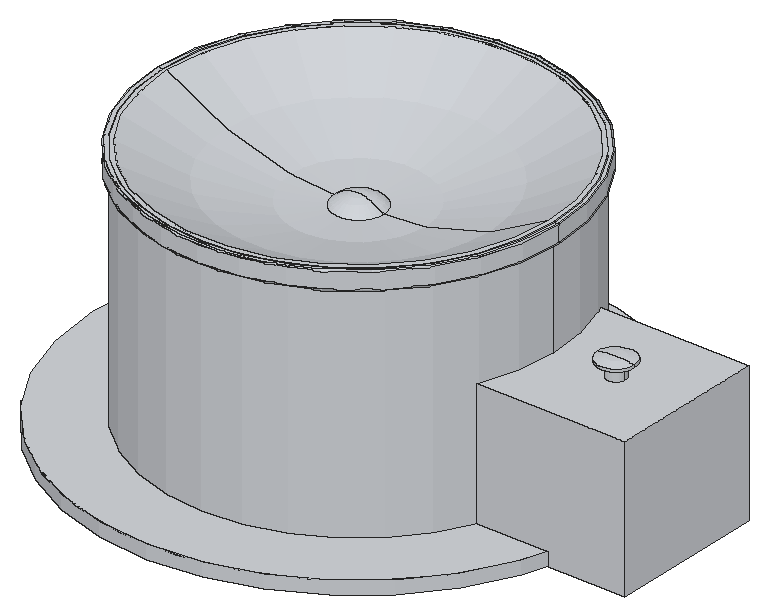
Revit family "Outdoor_Drinking_Fountain-Willoughby-WODF-1-Pet", category Plumbing Fixtures, host Face, Revit 2014
Parameters (values of type "Standard")
  Waste DIA = 1 1/2"
  Waste Connection = yes
  Vent Connection = no
  HW Connection = no
  Default Elevation = 0' - 0"
  CW inlet Diameter = 3/8"
  CW Connection = yes
Reference planes (in)
  plane 1 "Center (Front/Back)": y = 0
  plane 2: z = 0
  plane 3 "Center (Left/Right)": x = 0
  plane 4: z = 7
  plane 5: x = 0.75
  plane 6: x = 1.4375
Forms (in)
  Extrusion 1, solid
    sketch origin (0, 0, 0) x (1, 0, 0) y (0, 1, 0)
      loop
        circle (0, 0) r 7.25
    from 0 to 0.375
  Extrusion 2, solid
    sketch origin (0, 0, 0) x (1, 0, 0) y (0, 1, 0)
      loop
        circle (0, 0) r 5.375
    from 0 to 7
  Revolve 3, solid, detail levels fine
    sketch origin (0, 0, 0) x (1, 0, 0) y (0, 0, 1)
      loop
        line (5.375, 7) -> (5.375, 6.5) -> (5.47033, 6.5)
        arc (5.47033, 6.5) -> (5.49131, 6.50869) -> (5.5, 6.52967) r 0.02967
        line (5.5, 6.52967) -> (5.5, 6.97391)
        arc (5.5, 6.97391) -> (5.49236, 6.99236) -> (5.47391, 7) r 0.02609
        line (5.47391, 7) -> (5.375, 7)
      axis (0, 7) -> (0, 6.5)
    angle from 0 to 360
  Revolve 4, void
    sketch origin (0, 0, 0) x (1, 0, 0) y (0, 0, 1)
      loop
        line (0, 7) -> (-5.25, 7)
        arc (-5.25, 7) -> (-2.74007, 5.84726) -> (0, 5.5) r 9.10636
        line (0, 5.5) -> (0, 7)
      axis (0, 7) -> (0, 5.5)
    angle from 0 to 360
  Extrusion 5, solid
    sketch origin (0, 0, 0) x (1, 0, 0) y (0, 1, 0)
      loop
        line (4.75, 0) -> (4.75, -2.125) -> (9, -2.125) -> (9, 2.125) -> (4.75, 2.125) -> (4.75, 0)
    from 0 to 3.8125
  Revolve 6, solid, detail levels fine
    sketch origin (0, 0, 0) x (1, 0, 0) y (0, 0, 1)
      loop
        line (7.07179, 3.8125) -> (7.07179, 4.1875) -> (7.07179, 4.3125)
        arc (7.07179, 4.3125) -> (6.81943, 4.3001) -> (6.57179, 4.25) r 1.68024
        line (6.57179, 4.25) -> (6.57179, 4.1875) -> (6.82179, 4.1875) -> (6.82179, 3.8125) -> (7.07179, 3.8125)
      axis (7.07179, 4.3125) -> (7.07179, 3.8125)
    angle from 0 to 360
  Revolve 7, solid, detail levels medium+fine
    sketch origin (0, 0, 0) x (1, 0, 0) y (0, 0, 1)
      loop
        line (0, 0) -> (0, -1.25) -> (0.75, -1.25) -> (0.75, 0) -> (0, 0)
      axis (0, 0) -> (0, -1.25)
    angle from 0 to 360
  Revolve 8, solid, detail levels medium+fine
    sketch origin (0, 0, 0) x (1, 0, 0) y (0, 0, 1)
      loop
        line (1.4375, 0) -> (1.4375, -1.25) -> (1.625, -1.25) -> (1.625, 0) -> (1.4375, 0)
      axis (1.4375, 0) -> (1.4375, -1.25)
    angle from 0 to 360
  Revolve 9, solid, detail levels medium+fine
    sketch origin (0, 0, 0) x (1, 0, 0) y (0, 0, 1)
      loop
        line (0, 5.49396) -> (0, 5.82258)
        arc (0, 5.82258) -> (-0.40852, 5.73477) -> (-0.75, 5.49396) r 1.04521
        line (-0.75, 5.49396) -> (0, 5.49396)
      axis (0, 5.82258) -> (0, 5.49396)
    angle from 0 to 360
Cuts and joins
  Revolve 4 cuts Extrusion 2
Lines and regions (in)
  symbolic lines, detail levels medium+fine
    curve 1: line (4.9371, 2.125, 0) -> (9, 2.125, 0)
    curve 2: line (9, 2.125, 0) -> (9, -2.125, 0)
    curve 3: line (9, -2.125, 0) -> (4.9371, -2.125, 0)
    curve 10: arc (5.375, 0, 0) -> (0, -5.375, 0) -> (-5.375, 0, 0) r 5.375
    curve 11: arc (-5.375, 0, 0) -> (0, 5.375, 0) -> (5.375, 0, 0) r 5.375
    curve 19: line (-5.375, 0, 7) -> (-5.51625, 0, 7)
    curve 20: line (-5.51625, 0, 7) -> (-5.51625, 0, 6.5)
    curve 21: line (-5.51625, 0, 6.5) -> (5.48375, 0, 6.5)
    curve 22: line (5.48375, 0, 6.5) -> (5.48375, 0, 7)
    curve 23: line (5.48375, 0, 7) -> (5.375, 0, 7)
    curve 39: line (0, 5.375, 7) -> (0, 5.50063, 7)
    curve 40: line (0, 5.50063, 7) -> (0, 5.50063, 6.5)
    curve 41: line (0, 5.50063, 6.5) -> (0, -5.49937, 6.5)
    curve 42: line (0, -5.49937, 6.5) -> (0, -5.49937, 7)
    curve 43: line (0, -5.49937, 7) -> (0, -5.375, 7)
  symbolic lines, detail levels fine
    curve 4: arc (6.57179, 0, 0) -> (7.07179, 0.5, 0) -> (7.57179, 0, 0) r 0.5
    curve 5: arc (7.57179, 0, 0) -> (7.07179, -0.5, 0) -> (6.57179, 0, 0) r 0.5
    curve 6: arc (6.82179, 0, 0) -> (7.07179, 0.25, 0) -> (7.32179, 0, 0) r 0.25
    curve 7: arc (7.32179, 0, 0) -> (7.07179, -0.25, 0) -> (6.82179, 0, 0) r 0.25
    curve 12: circle (0, 0, 0) r 0.75 normal (0, 0, 1)
    curve 27: line (7.32179, 0, 3.8125) -> (7.32179, 0, 4.1875)
    curve 28: line (6.82179, 0, 3.8125) -> (6.82179, 0, 4.1875)
    curve 29: line (7.57179, 0, 4.25) -> (7.57179, 0, 4.1875)
    curve 30: line (7.57179, 0, 4.1875) -> (6.57179, 0, 4.1875)
    curve 31: line (6.57179, 0, 4.1875) -> (6.57179, 0, 4.25)
    curve 32: line (6.57179, 0, 4.25) -> (7.57179, 0, 4.25)
    curve 33: arc (6.57179, 0, 4.25) -> (7.07179, 0, 4.31534) -> (7.57179, 0, 4.25) r 1.94585
    curve 48: line (0, -0.25, 4.1875) -> (0, -0.25, 3.8125)
    curve 49: line (0, 0.25, 4.1875) -> (0, 0.25, 3.8125)
    curve 50: line (0, 0.5, 4.1875) -> (0, -0.5, 4.1875)
    curve 52: line (0, -0.5, 4.25) -> (0, 0.5, 4.25)
    curve 53: arc (0, 0.5, 4.25) -> (0, 0, 4.31485) -> (0, -0.5, 4.25) r 1.95981
    curve 54: line (0, 0.5, 4.25) -> (0, 0.5, 4.1875)
  symbolic lines
    curve 8: arc (7.24783, -0.17751, 0) -> (-0.08876, -7.24946, 0) -> (-7.25, 0, 0) r 7.25
    curve 9: arc (-7.25, 0, 0) -> (0, 7.25, 0) -> (7.25, 0, 0) r 7.25
    curve 13: line (7.25, 0, 0) -> (-7.25, 0, 0)
    curve 14: line (-7.25, 0, 0) -> (-7.25, 0, 0.375)
    curve 15: line (-7.25, 0, 0.375) -> (7.25, 0, 0.375)
    curve 16: line (-5.375, 0, 7) -> (-5.375, 0, 0.375)
    curve 17: line (-5.375, 0, 7) -> (5.375, 0, 7)
    curve 18: line (5.375, 0, 7) -> (5.375, 0, 0.375)
    curve 24: line (5.375, 0, 3.8125) -> (9, 0, 3.8125)
    curve 25: line (9, 0, 3.8125) -> (9, 0, 0)
    curve 26: line (9, 0, 0) -> (7.25, 0, 0)
    curve 34: line (0, -7.25, 0) -> (0, 7.25, 0)
    curve 35: line (0, 7.25, 0) -> (0, 7.25, 0.375)
    curve 36: line (0, 7.25, 0.375) -> (0, -7.25, 0.375)
    curve 37: line (0, -5.375, 7) -> (0, -5.375, 0.375)
    curve 38: line (0, 5.375, 7) -> (0, 5.375, 0.375)
    curve 44: line (0, -5.375, 7) -> (0, 5.375, 7)
    curve 45: line (0, -2.125, 0) -> (0, -2.125, 3.8125)
    curve 46: line (0, -2.125, 3.8125) -> (0, 2.125, 3.8125)
    curve 47: line (0, 2.125, 3.8125) -> (0, 2.125, 0)
    curve 51: line (0, -0.5, 4.1875) -> (0, -0.5, 4.25)
    curve 55: line (0, -7.25, 0.375) -> (0, -7.25, 0)
    curve 56: line (7.25, 0, 0.375) -> (7.25, 0, 0)
Dimensions and locks (in)
  aligned and locked: plane 2 to host face
  aligned and locked: level to host face
  aligned and locked: curve 56 to Extrusion 1
Connectors (in)
  piping at (1.4375, 0, -1.25), diameter 0.375, driven by "CW inlet Diameter", driven by "CW Connection"
    settings: on Revolve 8, index 1, connector inside diameter 24", connector length 0' - 0", flow factor 0, pipe flow 0 GPM, pressure drop 0.00 psi, fitting loss kfactor 0, connector angle 0.00°, fixture units 0, engagement length 0' - 0", angle of deflection 0.00°, flow configuration 0, flow direction 0, fitting loss method 0, system type 7, joint type 0, gender type 0, connector reference index -1, connector utility 1, adjustable connector no, is connector primary yes, connector description "CW Inlet"
  piping at (0, 0, -1.25), diameter 0.375, driven by "CW inlet Diameter", driven by "Waste Connection"
    settings: on Revolve 7, index 2, connector inside diameter 24", connector length 0' - 0", flow factor 0, pipe flow 0 GPM, pressure drop 0.00 psi, fitting loss kfactor 0, connector angle 0.00°, fixture units 0, engagement length 0' - 0", angle of deflection 0.00°, flow configuration 0, flow direction 0, fitting loss method 0, system type 7, joint type 0, gender type 0, connector reference index -1, connector utility 1, adjustable connector no, is connector primary no, connector description "CW Inlet"
